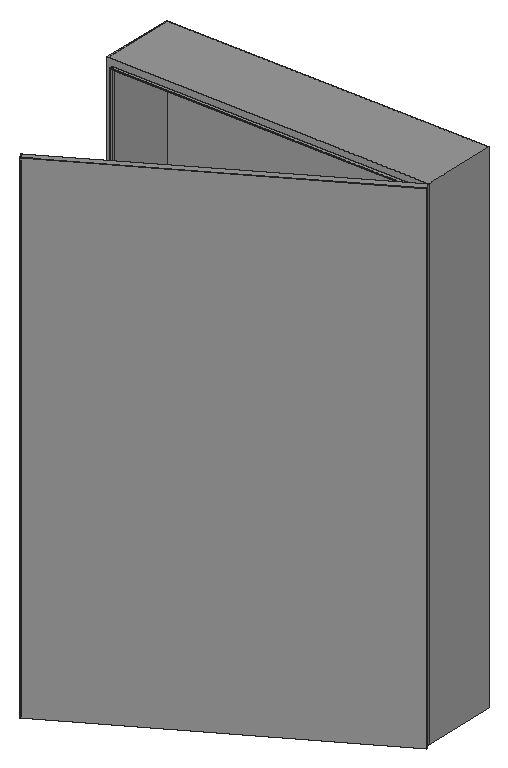
Revit family "Hager-Univers-IP44-D205-H1250-Cl.I-Encl-NoHosted-CH-en", category Equipement électrique, Revit 2020
Family settings
  Configuration du panneau = Deux colonnes, circuits au sein
  Cote de connecteur circulaire = Utiliser le diamètre
  Type d'élément = Tableau de raccordement
  Basée sur le plan de construction = Oui
  Toujours verticalement = Oui
  Couper avec des vides une fois chargée = Non
  Partagée = Non
  Point de calcul de pièce = Non
Parameters (values of type "Surface mounted (plaster) IP44 W800 H1250 D205  - FP83TN2")
  Width Control [instance] = if([EF000008 - Width] > Min Width, [EF000008 - Width], Min Width)  # 800 mm
  Commentaires du type = [HG000003 - Range]  # "Univers"
  Thickness Door [instance] = if([EF009171 - Material plate thickness door/cover] > 3 mm, 3 mm, [EF009171 - Material plate thickness door/cover])  # 1 mm
  Seal Frame Offset [instance] = 17 mm  # constant formula
  Plinth Visibility [instance] = [HG000027 - Plinth height] > 0 mm  # no
  Min Width [instance] = 100 mm  # constant formula
  Min Depth [instance] = (2 * [EF009170 - Material plate thickness cabinet]) + 1 mm  # 3 mm
  Min Height [instance] = 100 mm  # constant formula
  Internal Frame Depth [instance] = (Door System Depth * 0.5)  # 9 mm
  Panel Name [instance] = ""  # (empty or 0)
  Model = ""
  HG000027 - Plinth height = 0 mm
  HG000026 - Floor standing = no
  HG000024 - Bottom section height = 600 mm
  HG000023 - Double section enclosure = no
  HG000016 - Door 3d visibility [instance] = yes
  HG000015 - Clearance visibility [instance] = no
  HG000014 - Door on the right [instance] = yes
  HG000013 - Door on the left [instance] = not([HG000014 - Door on the right])  # no
  HG000012 - Door swing angle [instance] = 30.00°
  HG000010 - Asymmetric doors = no
  HG000009 - Double swing door = no
  HG000006 - Flush mounted = no
  HG000004 - Manufacturer reference = "FP83TN2"
  HG000003 - Range = "Univers"
  HG000002 - With door or cover = yes
  Frame Offset Bottom [instance] = 10 mm  # constant formula
  Frame Offset [instance] = 15 mm  # constant formula
  EF015940 - Cover with overpressure release = no
  EF011959 - Degree of protection (NEMA) = ""
  EF009554 - Number of openings for flange plates = 6
  EF009212 - Cover model = "EV000116 - Closed"
  EF009171 - Material plate thickness door/cover = 1 mm
  EF009170 - Material plate thickness cabinet = 1 mm
  EF008873 - Nominal current (In) = 250 A
  EF007800 - Suitable for lightning protection = no
  EF006306 - With lock = no
  EF006244 - Transparent cover/door = no
  EF005474 - Degree of protection (IP) = "EV006418 - IP44"
  EF004464 - Type of door = "EV002646 - Single"
  EF004427 - Number of modules = 288
  EF004293 - Impact strength = "EV006815 - IK09"
  EF003532 - Suitable for outdoor use = no
  EF002950 - Width in number of modular spacings = 36
  EF001613 - Circuit integrity = "EV000494 - None"
  EF001596 - Material housing = "EV000179 - Steel"
  EF001131 - Internal depth = 130 mm
  EF001088 - Extension possible = yes
  EF000437 - Number of conduit inlets = 6
  EF000339 - Type of cover = "EV001012 - Cover"
  EF000266 - Number of rows = 8
  EF000218 - Built-in depth = 205 mm
  EF000118 - With mounting plate = no
  EF000116 - RAL-number = "9010"
  EF000049 - Depth = 205 mm
  EF000040 - Height = 1250 mm
  EF000008 - Width = 800 mm
  EF000007 - Colour = "EV000202 - White"
  EF000003 - Mounting method = "EV000384 - Surface mounted (plaster)"
  Door System Leaf Tolerance [instance] = 1.5 mm  # constant formula
  Door System Depth [instance] = 18 mm  # constant formula
  Door Height [instance] = Height Control - [HG000027 - Plinth height]  # 1250 mm
  Description = ""
  Default Elevation = 1219.2 mm
  Connector Offset [instance] = Height Control / 2  # 625 mm
  Fabricant = "Hager"  # constant formula
  Height Control [instance] = if([EF000040 - Height] > Min Height, [EF000040 - Height], Min Height)  # 1250 mm
  Depth Control [instance] = if([EF000049 - Depth] > Min Depth, [EF000049 - Depth], Min Depth)  # 205 mm
  Bottom Top Plate Trim [instance] = 1.5 mm  # constant formula
  Plinth height Ctrl [instance] = if([HG000027 - Plinth height] > 0 mm, [HG000027 - Plinth height], 12 mm)  # 12 mm
Types (10, lengths in mm): name | Width Control | HG000010 - Asymmetric doors | HG000009 - Double swing door | HG000004 - Manufacturer reference | EF009554 - Number of openings for flange plates | EF004464 - Type of door | EF004427 - Number of modules | EF002950 - Width in number of modular spacings | EF000437 - Number of conduit inlets | EF000218 - Built-in depth | EF000008 - Width
  Surface mounted (plaster) IP44 W1050 H1250 D205  - FP84QT | 1050 | no | no | "FP84QT" | 8 | "EV003602 - Double" | 384 | 48 | 8 | 0 | 1050
  Surface mounted (plaster) IP44 W1050 H1250 D205  - FP84TN2 | 1050 | no | yes | "FP84TN2" | 8 | "EV003602 - Double" | 384 | 48 | 8 | 205 | 1050
  Surface mounted (plaster) IP44 W1300 H1250 D205  - FP85QT | 1300 | no | no | "FP85QT" | 10 | "EV003602 - Double" | 480 | 60 | 10 | 0 | 1300
  Surface mounted (plaster) IP44 W1300 H1250 D205  - FP85TN2 | 1300 | yes | yes | "FP85TN2" | 10 | "EV003602 - Double" | 480 | 60 | 10 | 205 | 1300
  Surface mounted (plaster) IP44 W300 H1250 D205  - FP81QT | 300 | no | no | "FP81QT" | 2 | "EV002646 - Single" | 96 | 12 | 2 | 0 | 300
  Surface mounted (plaster) IP44 W300 H1250 D205  - FP81TN2 | 300 | no | no | "FP81TN2" | 2 | "EV002646 - Single" | 96 | 12 | 2 | 205 | 300
  Surface mounted (plaster) IP44 W550 H1250 D205  - FP82QT | 550 | no | no | "FP82QT" | 4 | "EV002646 - Single" | 192 | 24 | 4 | 0 | 550
  Surface mounted (plaster) IP44 W550 H1250 D205  - FP82TN2 | 550 | no | no | "FP82TN2" | 4 | "EV002646 - Single" | 192 | 24 | 4 | 205 | 550
  Surface mounted (plaster) IP44 W800 H1250 D205  - FP83QT | 800 | no | no | "FP83QT" | 6 | "EV002646 - Single" | 288 | 36 | 6 | 0 | 800
  Surface mounted (plaster) IP44 W800 H1250 D205  - FP83TN2 | 800 | no | no | "FP83TN2" | 6 | "EV002646 - Single" | 288 | 36 | 6 | 205 | 800
Reference planes
  plane 1 "Center (Front/Back)": y = 0
  plane 2: z = 0
  plane 3 "Center (Left/Right)": x = 0
  plane 4: y = 0
  plane 5: y = 0
  plane 6: z = 0
  plane 7: x = -400
  plane 8: x = 400
  plane 9: x = 399
  plane 10: x = -399
  plane 11: z = 0
  plane 12: z = 1
  plane 13: y = -205
  plane 14: y = -1
  plane 15: x = 0
  plane 16: y = -187
  plane 17: y = -204
  plane 18: y = -186
  plane 19: x = -384
  plane 20: x = 384
  plane 21: z = 11
  plane 22: x = -383
  plane 23: x = 383
  plane 24: z = 0
  plane 25: z = 1250
  plane 26: z = 1250
  plane 27: z = 1234
  plane 28: z = 1249
Forms (mm)
  Extrusion 1, solid, material "Hager_Steel_RAL7035_Light_Grey", detail levels medium+fine
    sketch origin (-208.679, -4572, 0) x (-1, 0, 0) y (0, -1, 0)
      loop
        line (191.321, -4385) -> (-608.679, -4385) -> (-608.679, -4572) -> (191.321, -4572) -> (191.321, -4385)
    from 0 to 1250
  Extrusion 2, void
    sketch origin (-350.771, -205, 1219.2) x (1, 0, 0) y (0, 0, 1)
      loop
        line (-48.229, 29.8) -> (-48.229, -1218.2) -> (749.771, -1218.2) -> (749.771, 29.8) -> (-48.229, 29.8)
    from -19 to -204
  Extrusion 3, void
    sketch origin (-290.084, -187, 1219.2) x (1, 0, 0) y (0, 0, 1)
      loop
        line (-93.916, -1208.2) -> (674.084, -1208.2) -> (674.084, 14.8) -> (-93.916, 14.8) -> (-93.916, -1208.2)
    from 0 to -1
  Extrusion 4, solid, material "Hager_Steel_RAL7035_Light_Grey", visible <- "Plinth Visibility", detail levels medium+fine
    sketch origin (0, 0, 0) x (1, 0, 0) y (0, 1, 0)
      loop
        line (-400, 0) -> (-400, -187) -> (400, -187) -> (400, 0) -> (-400, 0)
    from 0 to 12 <- "Plinth height Ctrl"
  Extrusion 5, solid, material "Hager_Steel_RAL7035_Light_Grey", detail levels coarse
    sketch origin (0, 0, 0) x (1, 0, 0) y (0, 1, 0)
      loop
        line (-400, 0) -> (-400, -205) -> (400, -205) -> (400, 0) -> (-400, 0)
    from 0 to 1250 <- "Height Control"
  Sweep 6, void
    path in 3D
      loop
        line (-400, -187, 12) -> (400, -187, 12) -> (400, 0, 12) -> (-400, 0, 12) -> (-400, -187, 12)
    profile origin (-400, -93.5, 12) x (1, 0, 0) y (0, 0, 1)
      loop
        line (0, 0) -> (0, -1.5) -> (1.5, -1.5)
        arc (1.5, -1.5) -> (1.061, -0.439) -> (0, 0) r 1.5
  Extrusion 7, solid, material "Hager_Steel_RAL7035_Light_Grey", detail levels fine
    sketch origin (-400, -187, 0) x (1, 0, 0) y (0, 0, 1)
      loop
        line (16, 11) -> (784, 11) -> (784, 1234) -> (16, 1234) -> (16, 11)
      loop
        line (15, 10) -> (785, 10) -> (785, 1235) -> (15, 1235) -> (15, 10)
    from 0 to 9 <- "Internal Frame Depth"
Cuts and joins
  Extrusion 2, Extrusion 3 cuts Extrusion 1
  Sweep 6 cuts Extrusion 4
Lines and regions (mm)
  Masking region 1
    outline origin (0, 0, 0) x (1, 0, 0) y (0, 1, 0)
      loop
        line (-400, 0) -> (-400, -205) -> (400, -205) -> (400, 0) -> (-400, 0)
  Masking region 2, detail levels coarse
    outline origin (-290.084, -187, 1219.2) x (-1, 0, 0) y (0, 0, 1)
      loop
        line (-690.084, -1219.2) -> (109.916, -1219.2) -> (109.916, 30.8) -> (-690.084, 30.8) -> (-690.084, -1219.2)
  Masking region 3, detail levels coarse
    outline origin (0, 0, 0) x (0, 1, 0) y (0, 0, 1)
      loop
        line (0, 0) -> (0, 1250) -> (-205, 1250) -> (-205, 0) -> (0, 0)
  Masking region 4, visible <- "Plinth Visibility", detail levels medium+fine
    outline origin (0, 0, 0) x (0, 1, 0) y (0, 0, 1)
      loop
        line (-1.5, 12) -> (-185.5, 12)
        arc (-185.5, 12) -> (-185.939, 10.939) -> (-187, 10.5) r 1.5
        line (-187, 10.5) -> (-187, 0) -> (0, 0) -> (0, 10.5)
        arc (0, 10.5) -> (-1.061, 10.939) -> (-1.5, 12) r 1.5
  Masking region 5, detail levels medium+fine
    outline origin (0, 0, 594.038) x (0, 1, 0) y (0, 0, 1)
      loop
        line (0, -594.038) -> (0, 655.962) -> (-187, 655.962) -> (-187, -594.038) -> (0, -594.038)
  Masking region 6, detail levels medium+fine
    outline origin (-359.7, -187, 1211.883) x (-1, 0, 0) y (0, 0, 1)
      loop
        line (-759.7, -1211.883) -> (40.3, -1211.883) -> (40.3, 38.117) -> (-759.7, 38.117) -> (-759.7, -1211.883)
  Masking region 7, visible <- "Plinth Visibility", detail levels medium+fine
    outline origin (-320.334, -187, 1041.368) x (-1, 0, 0) y (0, 0, 1)
      loop
        line (-720.334, -1041.368) -> (79.666, -1041.368) -> (79.666, -1030.868)
        arc (79.666, -1030.868) -> (78.606, -1030.429) -> (78.166, -1029.368) r 1.5
        line (78.166, -1029.368) -> (-718.834, -1029.368)
        arc (-718.834, -1029.368) -> (-719.273, -1030.429) -> (-720.334, -1030.868) r 1.5
        line (-720.334, -1030.868) -> (-720.334, -1041.368)
  sketch lines
    curve 1: line (-400, 0, 12) -> (-400, -187, 12)
    curve 2: line (-400, -187, 12) -> (400, -187, 12)
    curve 3: line (400, 0, 12) -> (-400, 0, 12)
    curve 4: line (400, -187, 12) -> (400, 0, 12)
Dimensions and locks
  locked: plane 1 "Center (Front/Back)" to plane 5
  "EF009170 - Material plate thickness cabinet": plane 7 to plane 10
  "EF009170 - Material plate thickness cabinet": plane 8 to plane 9
  equal spacing: plane 7, plane 3 "Center (Left/Right)", plane 8
  "Width Control": plane 7 to plane 8
  "Depth Control": plane 4 to plane 13
  "EF009170 - Material plate thickness cabinet": plane 4 to plane 14
  "Height Control": plane 25 to level
  "HG000027 - Plinth height": plane 11 to level
  "EF009170 - Material plate thickness cabinet": plane 12 to plane 11
  "EF009170 - Material plate thickness cabinet": plane 17 to plane 13
  "EF009170 - Material plate thickness cabinet": plane 18 to plane 16
  "Frame Offset Bottom": plane 21 to plane 12
  "Frame Offset": plane 10 to plane 19
  "Frame Offset": plane 9 to plane 20
  "Door System Depth": plane 16 to plane 13
  "Seal Frame Offset": plane 7 to plane 22
  "Seal Frame Offset": plane 8 to plane 23
  "EF009170 - Material plate thickness cabinet": plane 26 to plane 28
  "Frame Offset": plane 28 to plane 27
  "Connector Offset": plane 2 to connector elem
  "Bottom Top Plate Trim": profile plane to Sweep 6 sketch curve
  "Bottom Top Plate Trim": Sweep 6 sketch curve to Sweep 6 sketch curve
  "Plinth height Ctrl": Masking region 4 sketch curve to level
  "Plinth height Ctrl": Masking region 7 sketch curve to level
  "Thickness Door": Extrusion 7 sketch curve to Extrusion 7 sketch curve  (x4)
  "Bottom Top Plate Trim": radius of Sweep 6 sketch curve
  "Bottom Top Plate Trim": radius of Masking region 4 sketch curve  (x2)
  "Bottom Top Plate Trim": radius of Masking region 7 sketch curve  (x2)
  aligned and locked: Extrusion 2 sketch curve to plane 12
  aligned and locked: Extrusion 2 sketch curve to plane 9
  aligned and locked: Extrusion 2 sketch curve to plane 10
  aligned and locked: Extrusion 2 to plane 14
  aligned and locked: Extrusion 1 sketch curve to plane 4
  aligned and locked: plane 8 to Extrusion 1 sketch curve
  aligned and locked: plane 7 to Extrusion 1 sketch curve
  aligned and locked: Extrusion 2 to plane 18
  aligned and locked: Extrusion 3 sketch curve to plane 19
  aligned and locked: plane 20 to Extrusion 3 sketch curve
  aligned and locked: Extrusion 3 to Extrusion 2
  aligned and locked: Extrusion 3 sketch curve to plane 21
  aligned and locked: plane 3 "Center (Left/Right)" to nested 1
  aligned and locked: Extrusion 1 sketch curve to plane 16
  aligned and locked: Extrusion 4 sketch curve to cut or joined group of Extrusion 1, Extrusion 2, Extrusion 3
  aligned and locked: Masking region 1 sketch curve to plane 7
  aligned and locked: Masking region 1 sketch curve to plane 5
  aligned and locked: Masking region 1 sketch curve to plane 8
  aligned and locked: Masking region 2 sketch curve to level
  aligned and locked: level to Masking region 3 sketch curve
  aligned and locked: plane 1 "Center (Front/Back)" to Masking region 3 sketch curve
  aligned and locked: plane 13 to Masking region 3 sketch curve
  aligned and locked: plane 5 to Masking region 4 sketch curve
  aligned and locked: Masking region 2 sketch curve to plane 8
  aligned and locked: Masking region 2 sketch curve to plane 7
  aligned and locked: plane 7 to nested 2
  aligned and locked: nested 2 to plane 5
  aligned and locked: plane 5 to Masking region 5 sketch curve
  aligned and locked: plane 26 to Masking region 5 sketch curve
  aligned and locked: Extrusion 5 sketch curve to plane 8
  aligned and locked: Extrusion 5 sketch curve to plane 7
  aligned and locked: Extrusion 5 sketch curve to plane 5
  aligned and locked: Extrusion 3 sketch curve to plane 27
  aligned and locked: Extrusion 2 sketch curve to plane 28
  aligned and locked: Masking region 2 to plane 25
  aligned and locked: Extrusion 4 to plane 16
  aligned and locked: profile plane to Sweep 6 sketch curve
  aligned and locked: Masking region 5 sketch curve to plane 24
  aligned and locked: level to Masking region 4 sketch curve
  aligned and locked: Masking region 1 to plane 13
  aligned and locked: nested 1 to plane 16
  aligned and locked: Masking region 3 to plane 25
  aligned and locked: plane 16 to Masking region 4 sketch curve
  aligned and locked: Masking region 5 sketch curve to plane 16
  aligned and locked: plane 24 to plane 11
  aligned and locked: plane 26 to plane 25
  aligned and locked: plane 26 to cut or joined group of Extrusion 1, Extrusion 2, Extrusion 3
  aligned and locked: nested 1 to plane 24
  aligned and locked: Extrusion 1 to Extrusion 3
  aligned and locked: Masking region 6 sketch curve to plane 8
  aligned and locked: Masking region 6 sketch curve to plane 24
  aligned and locked: Masking region 6 sketch curve to plane 7
  aligned and locked: Masking region 6 sketch curve to plane 26
  aligned and locked: Masking region 7 sketch curve to plane 7
  aligned and locked: level to Masking region 7 sketch curve
  aligned and locked: Masking region 7 sketch curve to plane 8
  aligned and locked: Extrusion 7 sketch curve to cut or joined group of Extrusion 1, Extrusion 2, Extrusion 3  (x4)
Automatic sketch dimensions
  plane 19 to Extrusion 3 sketch curve = 0 mm
  Extrusion 3 sketch curve to plane 20 = 0 mm
  Extrusion 3 sketch curve to plane 21 = 0 mm
  Extrusion 4 sketch curve to plane 7 = 0 mm
  Extrusion 4 sketch curve to plane 8 = 0 mm
  Extrusion 4 sketch curve to plane 16 = 0 mm
  Masking region 1 sketch curve to plane 13 = 0 mm
  Masking region 2 sketch curve to plane 25 = 0 mm
  Masking region 3 sketch curve to plane 25 = 0 mm
  Extrusion 5 sketch curve to plane 13 = 0 mm
  profile plane to Sweep 6 sketch curve = 0 mm
Nested families
  nested 1: "EC000058_Univers_Door" at (0, -187, 0), Double <- "HG000009 - Double swing door", Transparent <- "EF006244 - Transparent cover/door", Angle <- "HG000012 - Door swing angle", Door_Right <- "HG000014 - Door on the right", Assymetrical <- "HG000010 - Asymmetric doors", Door <- "HG000002 - With door or cover", Width_Ctrl <- "Width Control", 3d_Door <- "HG000016 - Door 3d visibility", Clearance <- "HG000015 - Clearance visibility", Door_Left <- "HG000013 - Door on the left", Width <- "Width Control", Door_Depth <- "Door System Depth", Leaf_Tolerance <- "Door System Leaf Tolerance", Height <- "Door Height", Lock_Visibility <- "EF006306 - With lock", Thickness <- "Thickness Door", type "EC000058_Univers_Door", detail levels medium+fine
    with min_wh 3 mm, Width_Ctrl 800 mm, Width 800 mm, Transparent no, Thickness 1 mm, Seal_Material Hager_Rubber, Lock_Visibility no, Lock_Material Hager_Plastic_RAL9005_Jet_Black, Leaf_Width 800 mm, Leaf_Tolerance_External_Sides 0 mm, Leaf_Tolerance 1.5 mm, Leaf_Offset 0 mm, Leaf_Height 1247 mm, Leaf_2_Width 800 mm, Leaf_2_Offset 400 mm, Leaf_1_Width 800 mm, Leaf_1_Offset 400 mm, Height_Ctrl 1250 mm, Height 1250 mm, Glass_Material Hager_Glass, Double_Clearance_Ctrl no, Double no, Door_Right_Ctrl yes, Door_Right yes, Door_Material Hager_Steel_RAL7035_Light_Grey, Door_Left_Ctrl no, Door_Left no, Door_Depth 18 mm, Door yes, Clearance_Material Hager_Clearance, Clearance_Depth 800 mm, Clearance_Ctrl no, Clearance no, Assymetrical no, Angle 30.00°, 3d_Door yes
  nested 2: "Hager_Enclosure_Symbol" at (-400, 0, 0), Height <- "Depth Control", Width <- "Width Control", type "Hager_Enclosure_Symbol"
    with Width_Ctrl 800 mm, Width 800 mm, Height_Ctrl 205 mm, Height 205 mm, A_Width_Int 13.453 mm, A_Width 161.438 mm, A_Height_Ctrl 179.375 mm, A_Height 179.375 mm
Connectors
  electrical at (0, 0, 625)
    settings: on plane 1 "Center (Front/Back)", index 1, voltage 0 V, apparent load 0 VA, apparent load phase1 0 VA, apparent load phase2 0 VA, apparent load phase3 0 VA, power factor 1, load classification "Other", number of poles 1, system type 30, power factor state 1, is connector primary yes, connector utility no, sub classification motor no, connector description ""
Definition of nested family "EC000058_Univers_Door"
  Parameters (values of type "EC000058_Univers_Door")
    min_wh [instance] = (2 * Thickness) + 1 mm  # 11 mm
    Width_Ctrl [instance] = 400 mm
    Width [instance] = 500 mm
    Transparent [instance] = yes
    Thickness [instance] = 5 mm
    Seal_Material [instance] = none
    Lock_Visibility [instance] = yes
    Lock_Material [instance] = none
    Leaf_Width [instance] = if((Width_Ctrl - 2 * Leaf_Tolerance_External_Sides) > 0 mm, (Width_Ctrl - 2 * Leaf_Tolerance_External_Sides), min_wh)  # 400 mm
    Leaf_Tolerance_External_Sides [instance] = 0 mm  # constant formula
    Leaf_Tolerance [instance] = 1.5 mm
    Leaf_Offset [instance] = 0 mm  # constant formula
    Leaf_Height [instance] = if((Height_Ctrl - 2 * Leaf_Tolerance) > 0 mm, (Height_Ctrl - 2 * Leaf_Tolerance), min_wh)  # 497 mm
    Leaf_2_Width [instance] = if(and(and(Double, Assymetrical), Door_Left), (Leaf_Width / 3) - (Leaf_Tolerance / 2), if(and(and(Double, Assymetrical), Door_Right), (Leaf_Width / 3) * 2 - (Leaf_Tolerance / 2), if(and(Double, not(Assymetrical)), (Leaf_Width / 2) - Leaf_Tolerance, Leaf_Width)))  # 400 mm
    Leaf_2_Offset [instance] = if(and(Double, Assymetrical), Leaf_2_Width / 2, if(and(Double, not(Assymetrical)), Leaf_Width / 4, Leaf_Width / 2))  # 200 mm
    Leaf_1_Width [instance] = if(and(and(Double, Assymetrical), Door_Right), (Leaf_Width / 3) - (Leaf_Tolerance / 2), if(and(and(Double, Assymetrical), Door_Left), (Width / 3) * 2 - (Leaf_Tolerance / 2), if(and(Double, not(Assymetrical)), (Leaf_Width / 2) - Leaf_Tolerance, Leaf_Width)))  # 400 mm
    Leaf_1_Offset [instance] = if(and(Double, Assymetrical), Leaf_1_Width / 2, if(and(Double, not(Assymetrical)), Leaf_Width / 4, Leaf_Width / 2))  # 200 mm
    Height_Ctrl [instance] = if(Height > min_wh, Height, min_wh)  # 500 mm
    Height [instance] = 500 mm
    Glass_Material [instance] = none
    Double_Clearance_Ctrl [instance] = and(Double, Clearance)  # no
    Double [instance] = no
    Door_Right_Ctrl [instance] = and(or(Door_Right, Double), Door)  # yes
    Door_Right [instance] = yes
    Door_Material [instance] = none
    Door_Left_Ctrl [instance] = and(or(Door_Left, Double), Door)  # no
    Door_Left [instance] = no
    Door_Depth [instance] = 30 mm
    Door [instance] = yes
    Default Elevation = 1219.2 mm
    Clearance_Material [instance] = none
    Clearance_Depth [instance] = if(Leaf_1_Width > Leaf_2_Width, Leaf_1_Width, Leaf_2_Width)  # 400 mm
    Clearance_Ctrl [instance] = and(not(Double), Clearance)  # yes
    Clearance [instance] = yes
    Assymetrical [instance] = yes
    Angle [instance] = 30.00°
    3d_Door [instance] = yes
  Reference planes
    plane 1 "Center (Front/Back)": y = 0
    plane 2 "Bottom": z = 0
    plane 3 "Center (Left/Right)": x = 0
    plane 4: z = 500
    plane 5: x = -200
    plane 6: x = 200
    plane 7: z = 500
    plane 8: x = -200
    plane 9: z = 0
    plane 10: x = 200
    plane 11: y = 0
    plane 12: z = 1.5
    plane 13: x = -600
    plane 14: y = -400
    plane 15: x = 600
    plane 16: x = 0
    plane 17: x = 0
    plane 18: x = -200
    plane 19: x = 200
    plane 20: z = 498.5
  Forms (mm)
    Extrusion 1, solid, material <- "Clearance_Material", visible <- "Double_Clearance_Ctrl"
      sketch origin (1200, 0, 0) x (1, 0, 0) y (0, 0, -1)
        loop
          line (-1800, -498.5) -> (-600, -498.5) -> (-600, 0) -> (-1800, 0) -> (-1800, -498.5)
      from 0 to -400
  Dimensions and locks
    equal spacing: plane 5, plane 3 "Center (Left/Right)", plane 6
    "Width_Ctrl": plane 5 to plane 6
    "Leaf_Offset": plane 5 to plane 8
    "Leaf_Offset": plane 6 to plane 10
    "Leaf_Offset": plane 9 to level
    "Leaf_Offset": plane 4 to plane 7
    "Height_Ctrl": plane 4 to level
    "Leaf_Tolerance": plane 12 to plane 9
    locked: plane 11 to plane 1 "Center (Front/Back)"
    "Leaf_1_Offset": plane 18 to plane 16
    "Leaf_2_Offset": plane 17 to plane 19
    "Leaf_1_Width": plane 13 to plane 8
    "Leaf_2_Width": plane 10 to plane 15
    "Clearance_Depth": plane 14 to plane 1 "Center (Front/Back)"
    "Leaf_Tolerance_External_Sides": plane 8 to plane 18
    "Leaf_Tolerance_External_Sides": plane 19 to plane 10
    "Leaf_Tolerance": plane 7 to plane 20
    aligned and locked: level to plane 2 "Bottom"
    aligned and locked: nested 1 to plane 16
    aligned and locked: nested 2 to plane 17
    aligned and locked: Extrusion 1 to plane 13
    aligned and locked: plane 15 to Extrusion 1
    aligned and locked: Extrusion 1 to plane 14
    aligned and locked: plane 12 to nested 1
    aligned and locked: nested 2 to plane 12
    aligned and locked: Extrusion 1 to plane 11
    aligned and locked: plane 20 to Extrusion 1
    aligned and locked: nested 2 to plane 11
    aligned and locked: nested 1 to plane 11
  Automatic sketch dimensions
    Extrusion 1 sketch curve to level = 0 mm
    plane 5 to Extrusion 1 sketch curve = 400 mm
    plane 6 to Extrusion 1 sketch curve = 400 mm
    Extrusion 1 sketch curve to plane 4 = 1.5 mm
  Nested families
    nested 1: "EC000058_Univers_Door_Leaf" at (0, 0, 1.5), Width <- "Leaf_1_Width", visible <- "Door_Left_Ctrl", Leaf_Height <- "Leaf_Height", Angle <- "Angle", 3d_Door <- "3d_Door", Transparent <- "Transparent", Clearance Material <- "Clearance_Material", Clearance <- "Clearance_Ctrl", Door_Material <- "Door_Material", Glass_Material <- "Glass_Material", Door_Depth <- "Door_Depth", Lock_Material <- "Lock_Material", Seal_Material <- "Seal_Material", Lock_Visibility <- "Lock_Visibility", Thickness <- "Thickness", type "EC000058_Univers_Door_Leaf"
      with Width 400 mm, Transparent_Glass_Offset 30 mm, Transparent_Ctrl yes, Transparent yes, Thickness 5 mm, Standard no, Seal_Material none, Seal_D2 8 mm, Seal_D1 1 mm, Offset_Internal_Frame 10 mm, Lock_Width 20 mm, Lock_Visibility_3d yes, Lock_Visibility yes, Lock_Thickness_3 3 mm, Lock_Thickness_2 1 mm, Lock_Thickness_1 3 mm, Lock_Radius_Offset_2 16 mm, Lock_Radius_Offset_1 15 mm, Lock_Radius_2 5 mm, Lock_Radius 6 mm, Lock_Offset 5 mm, Lock_Material none, Lock_Height 80 mm, Lock_Cover_Top_Offset_2d 17 mm, Lock_Cover_Height -65 mm, Leaf_Height 497 mm, Internal_Seal_Thickness 8 mm, Internal_Seal_Depth_2 4.5 mm, Internal_Frame_Depth 25 mm, Glass_Thickness -1 mm, Glass_Offset -2 mm, Glass_Material none, Door_Material none, Door_Depth 30 mm, Clearance Material none, Clearance yes, Angle_Ctrl 30.00°, Angle 30.00°, 3d_Door yes
    nested 2: "EC000058_Univers_Door_Leaf" at (0, 0, 1.5) x (-1, 0, 0) z (0, 0, 1), Width <- "Leaf_2_Width", visible <- "Door_Right_Ctrl", Leaf_Height <- "Leaf_Height", Angle <- "Angle", 3d_Door <- "3d_Door", Transparent <- "Transparent", Clearance Material <- "Clearance_Material", Clearance <- "Clearance_Ctrl", Door_Material <- "Door_Material", Glass_Material <- "Glass_Material", Door_Depth <- "Door_Depth", Lock_Material <- "Lock_Material", Seal_Material <- "Seal_Material", Lock_Visibility <- "Lock_Visibility", Thickness <- "Thickness", type "EC000058_Univers_Door_Leaf"
      with Width 400 mm, Transparent_Glass_Offset 30 mm, Transparent_Ctrl yes, Transparent yes, Thickness 5 mm, Standard no, Seal_Material none, Seal_D2 8 mm, Seal_D1 1 mm, Offset_Internal_Frame 10 mm, Lock_Width 20 mm, Lock_Visibility_3d yes, Lock_Visibility yes, Lock_Thickness_3 3 mm, Lock_Thickness_2 1 mm, Lock_Thickness_1 3 mm, Lock_Radius_Offset_2 16 mm, Lock_Radius_Offset_1 15 mm, Lock_Radius_2 5 mm, Lock_Radius 6 mm, Lock_Offset 5 mm, Lock_Material none, Lock_Height 80 mm, Lock_Cover_Top_Offset_2d 17 mm, Lock_Cover_Height -65 mm, Leaf_Height 497 mm, Internal_Seal_Thickness 8 mm, Internal_Seal_Depth_2 4.5 mm, Internal_Frame_Depth 25 mm, Glass_Thickness -1 mm, Glass_Offset -2 mm, Glass_Material none, Door_Material none, Door_Depth 30 mm, Clearance Material none, Clearance yes, Angle_Ctrl 30.00°, Angle 30.00°, 3d_Door yes
  Definition of nested family "EC000058_Univers_Door_Leaf"
    Parameters (values of type "EC000058_Univers_Door_Leaf")
      Width [instance] = 2000 mm
      Transparent_Glass_Offset [instance] = 30 mm
      Transparent_Ctrl [instance] = and(Transparent, [3d_Door])  # yes
      Transparent [instance] = yes
      Thickness [instance] = 5 mm
      Standard [instance] = and(not(Transparent), [3d_Door])  # no
      Seal_Material [instance] = none
      Seal_D2 [instance] = 8 mm  # constant formula
      Seal_D1 [instance] = 1 mm  # constant formula
      Offset_Internal_Frame [instance] = 10 mm  # constant formula
      Lock_Width [instance] = 20 mm  # constant formula
      Lock_Visibility_3d [instance] = and(Lock_Visibility, [3d_Door])  # yes
      Lock_Visibility [instance] = yes
      Lock_Thickness_3 [instance] = 3 mm  # constant formula
      Lock_Thickness_2 [instance] = 1 mm  # constant formula
      Lock_Thickness_1 [instance] = 3 mm  # constant formula
      Lock_Radius_Offset_2 [instance] = Lock_Radius_Offset_1 + 1 mm  # 16 mm
      Lock_Radius_Offset_1 [instance] = 15 mm  # constant formula
      Lock_Radius_2 [instance] = Lock_Radius - 1 mm  # 5 mm
      Lock_Radius [instance] = 6 mm  # constant formula
      Lock_Offset [instance] = 5 mm  # constant formula
      Lock_Material [instance] = none
      Lock_Height [instance] = 80 mm  # constant formula
      Lock_Cover_Top_Offset_2d [instance] = Lock_Radius_Offset_2 + 1 mm  # 17 mm
      Lock_Cover_Height [instance] = -(Lock_Height - Lock_Radius_Offset_1)  # -65 mm
      Leaf_Height [instance] = 2720.336 mm
      Internal_Seal_Thickness [instance] = 8 mm  # constant formula
      Internal_Seal_Depth_2 [instance] = 4.5 mm  # constant formula
      Internal_Frame_Depth [instance] = if(Door_Depth - Thickness > 5 mm, Door_Depth - Thickness, 5 mm)  # 25 mm
      Glass_Thickness [instance] = if(Thickness > 15 mm, Glass_Offset + 10 mm, -1 mm)  # -1 mm
      Glass_Offset [instance] = if(Thickness > 15 mm, -(Thickness + 10 mm) / 2, -2 mm)  # -2 mm
      Glass_Material [instance] = none
      Door_Material [instance] = none
      Door_Depth [instance] = 30 mm
      Default Elevation = 0 mm
      Clearance Material [instance] = none
      Clearance [instance] = yes
      Angle_Ctrl [instance] = if(Angle > 180.00°, 180.00°, Angle)  # 90.00°
      Angle [instance] = 90.00°
      3d_Door [instance] = yes
    Reference planes
      plane 1 "Center (Front/Back)": y = 0
      plane 2: z = 0
      plane 3 "Center (Left/Right)": x = 0
      plane 4: y = 2000
      plane 5: x = -1000
      plane 6: x = 1000
      plane 7: x = -3000
      plane 8: z = 2720.336
      plane 9: z = 30
      plane 10: z = 2690.336
      plane 11: x = 970
      plane 12: x = -970
      plane 13: y = -3
      plane 14: z = 107.833
      plane 15: y = -5
      plane 16: y = -223.314
      plane 17: x = -1000
      plane 18: z = 1360.168
      plane 19: y = 30
    Forms (mm)
      Extrusion 1, solid, material <- "Clearance Material", visible <- "Clearance"
        sketch origin (0, 0, 0) x (1, 0, 0) y (0, 0, 1)
          loop
            line (-3000, 2720.336) -> (-3000, 0) -> (1000, 0) -> (1000, 2720.336) -> (-3000, 2720.336)
        from 0 to -2000
      Extrusion 2, solid, material <- "Door_Material", visible <- "Standard", detail levels medium+fine
        sketch origin (-1000, 0, 0) x (0, 1, 0) y (-1, 0, 0)
          loop
            line (0, 30) -> (0, 25) -> (2000, 25) -> (2000, 30) -> (0, 30)
        from 0 to 2720.336 <- "Leaf_Height"
      Extrusion 3, solid, material <- "Door_Material", visible <- "Transparent_Ctrl", detail levels medium+fine
        sketch origin (-1000, 0, 0) x (0, 1, 0) y (-1, 0, 0)
          loop
            line (0, 25) -> (2000, 25) -> (2000, 30) -> (0, 30) -> (0, 25)
        from 0 to 2720.336 <- "Leaf_Height"
      Extrusion 4, void
        sketch origin (-1025, 2000, 0) x (0, 1, 0) y (0, 0, -1)
          loop
            line (-30, -2690.336) -> (-30, -30) -> (-1970, -30) -> (-1970, -2690.336) -> (-30, -2690.336)
        from 0 to 5 <- "Thickness"
      Sweep 5, solid, material <- "Seal_Material", visible <- "Transparent_Ctrl", detail levels fine
        path in 3D
          loop
            line (-1025, 30, 30) -> (-1025, 30, 2690.336) -> (-1025, 1970, 2690.336) -> (-1025, 1970, 30) -> (-1025, 30, 30)
        profile origin (-1025, 1000, 30) x (1, 0, 0) y (0, 0, 1)
          loop
            line (0, 0) -> (0, -8) -> (1, -8) -> (1, 0) -> (0, 0)
      Extrusion 6, solid, material <- "Glass_Material", visible <- "Transparent_Ctrl", detail levels medium+fine
        sketch origin (-1030, 0, 0) x (0, 1, 0) y (0, 0, -1)
          loop
            line (1970, -2690.336) -> (1970, -30) -> (30, -30) -> (30, -2690.336) -> (1970, -2690.336)
        from -2 <- "Glass_Offset" to -1 <- "Glass_Thickness"
      Extrusion 7, solid, material <- "Door_Material", visible <- "3d_Door", detail levels medium+fine
        sketch origin (-1025, 2000, 0) x (0, -1, 0) y (0, 0, -1)
          loop
            line (0, -2720.336) -> (2000, -2720.336) -> (2000, 0) -> (0, 0) -> (0, -2720.336)
          loop
            line (1995, -5) -> (5, -5) -> (5, -2715.336) -> (1995, -2715.336) -> (1995, -5)
        from 0 to 25 <- "Internal_Frame_Depth"
      Sweep 8, solid, material <- "Seal_Material", visible <- "Transparent_Ctrl", detail levels fine
        path in 3D
          loop
            line (-1025, 0, 0) -> (-1025, 2000, 0) -> (-1025, 2000, 2720.336) -> (-1025, 0, 2720.336) -> (-1025, 0, 0)
        profile origin (-1025, 0, 1360.168) x (1, 0, 0) y (0, 1, 0)
          loop
            line (0, 10) -> (2.975, 10)
            arc (2.975, 10) -> (4.053, 10.447) -> (4.5, 11.525) r 1.525
            line (4.5, 11.525) -> (4.5, 16.527)
            arc (4.5, 16.527) -> (4.069, 17.569) -> (3.027, 18) r 1.473
            line (3.027, 18) -> (0, 18) -> (0, 10)
      Extrusion 9, solid, material <- "Lock_Material", visible <- "Lock_Visibility_3d", detail levels fine
        sketch origin (-1030, 0, 0) x (0, 1, 0) y (0, 0, -1)
          loop
            arc (1993.5, -1400.168) -> (1994.561, -1399.729) -> (1995, -1398.668) r 1.5
            line (1995, -1398.668) -> (1995, -1320.168) -> (1975, -1320.168) -> (1975, -1398.668)
            arc (1975, -1398.668) -> (1975.439, -1399.729) -> (1976.5, -1400.168) r 1.5
            line (1976.5, -1400.168) -> (1993.5, -1400.168)
        from 3 <- "Lock_Thickness_1" to 0
      Blend 10, solid, material <- "Lock_Material", visible <- "Lock_Visibility_3d", detail levels fine
        base sketch origin (-1033, 0, 0) x (0, 1, 0) y (0, 0, -1)
          loop
            line (1975, -1320.168) -> (1975, -1398.668)
            arc (1975, -1398.668) -> (1975.439, -1399.729) -> (1976.5, -1400.168) r 1.5
            line (1976.5, -1400.168) -> (1993.5, -1400.168)
            arc (1993.5, -1400.168) -> (1994.561, -1399.729) -> (1995, -1398.668) r 1.5
            line (1995, -1398.668) -> (1995, -1320.168) -> (1975, -1320.168)
        top sketch origin (-1033, 0, 0) x (0, 1, 0) y (0, 0, -1)
          loop
            line (1976, -1320.168) -> (1976, -1398.668)
            arc (1976, -1398.668) -> (1976.146, -1399.022) -> (1976.5, -1399.168) r 0.5
            line (1976.5, -1399.168) -> (1993.5, -1399.168)
            arc (1993.5, -1399.168) -> (1993.854, -1399.022) -> (1994, -1398.668) r 0.5
            line (1994, -1398.668) -> (1994, -1320.168) -> (1976, -1320.168)
        from 0 to 1 <- "Lock_Thickness_2"
      Blend 11, solid, material <- "Lock_Material", visible <- "Lock_Visibility_3d", detail levels fine
        base sketch origin (-1034, 0, 0) x (0, 1, 0) y (0, 0, -1)
          loop
            line (1978, -1320.168) -> (1978, -1384.168)
            arc (1978, -1384.168) -> (1985, -1391.168) -> (1992, -1384.168) r 7
            line (1992, -1384.168) -> (1992, -1320.168) -> (1978, -1320.168)
        top sketch origin (-1034, 0, 0) x (0, 1, 0) y (0, 0, -1)
          loop
            line (1991, -1320.168) -> (1979, -1320.168) -> (1979, -1383.168)
            arc (1979, -1383.168) -> (1985, -1389.168) -> (1991, -1383.168) r 6
            line (1991, -1383.168) -> (1991, -1320.168)
        from 0 to 3 <- "Lock_Thickness_3"
      Extrusion 12, solid, material <- "Lock_Material", visible <- "Lock_Visibility_3d", detail levels fine
        sketch origin (-1030, 1975, 1320.168) x (1, 0, 0) y (0, -1, 0)
          loop
            line (-7, -19) -> (-7, -1) -> (0, -1) -> (0, 0) -> (-8, 0) -> (-8, -20) -> (0, -20) -> (0, -19) -> (-7, -19)
        from 0 to -65 <- "Lock_Cover_Height"
      Extrusion 13, void
        sketch origin (-1038, 1995, 1320.168) x (-1, 0, 0) y (0, 0, -1)
          loop
            line (-5, -65) -> (0, -65) -> (-5, -60) -> (-5, -65)
        from 0 to 20 <- "Lock_Width"
      Extrusion 14, void
        sketch origin (-1038, 1975, 1320.168) x (0, -1, 0) y (0, 0, -1)
          loop
            circle (-10, -15.995) r 6
          loop
            circle (-10, -15.995) r 5
        from 0 to 2
      Extrusion 15, solid, material <- "Lock_Material", visible <- "Lock_Visibility_3d", detail levels medium
        sketch origin (-1030, 0, 0) x (0, 1, 0) y (0, 0, -1)
          loop
            arc (1993.5, -1400.168) -> (1994.561, -1399.729) -> (1995, -1398.668) r 1.5
            line (1995, -1398.668) -> (1995, -1320.168) -> (1975, -1320.168) -> (1975, -1398.668)
            arc (1975, -1398.668) -> (1975.439, -1399.729) -> (1976.5, -1400.168) r 1.5
            line (1976.5, -1400.168) -> (1993.5, -1400.168)
        from 8 to 0
    Cuts and joins
      Extrusion 4 cuts Extrusion 3
      Extrusion 13, Extrusion 14 cuts Extrusion 9
      Extrusion 14 cuts Blend 11
      Extrusion 13, Extrusion 14 cuts Extrusion 12
      joined: Extrusion 9, Blend 10, Blend 11, Extrusion 12
      Extrusion 14 cuts Extrusion 15
    Lines and regions (mm)
      Masking region 1, visible <- "Lock_Visibility", detail levels fine
        outline origin (0, 0, 0) x (0, 1, 0) y (0, 0, 1)
          loop
            line (30, 1320.168) -> (33, 1320.168) -> (33, 1400.168) -> (30, 1400.168) -> (30, 1320.168)
      Masking region 2, visible <- "Lock_Visibility", detail levels fine
        outline origin (0, 3.143, 0) x (0, 1, 0) y (0, 0, 1)
          loop
            line (29.857, 1354.168) -> (30.857, 1354.168) -> (30.857, 1366.168) -> (29.857, 1366.168) -> (29.857, 1354.168)
      Masking region 3, detail levels medium+fine
        outline origin (0, 0, 0) x (0, 1, 0) y (0, 0, 1)
          loop
            line (0, 0) -> (30, 0) -> (30, 2720.336) -> (0, 2720.336) -> (0, 0)
      Masking region 4, detail levels medium+fine
        outline origin (0, 0, 0) x (1, 0, 0) y (0, 0, 1)
          loop
            line (-1000, 2720.336) -> (-1000, 0) -> (1000, 0) -> (1000, 2720.336) -> (-1000, 2720.336)
      Masking region 5, visible <- "Lock_Visibility", detail levels fine
        outline origin (-47.116, 0, 0) x (1, 0, 0) y (0, 0, 1)
          loop
            arc (1024.616, 1399.168) -> (1023.556, 1398.729) -> (1023.116, 1397.668) r 1.5
            line (1023.116, 1397.668) -> (1023.116, 1320.168) -> (1041.116, 1320.168) -> (1041.116, 1397.668)
            arc (1041.116, 1397.668) -> (1040.677, 1398.729) -> (1039.616, 1399.168) r 1.5
            line (1039.616, 1399.168) -> (1024.616, 1399.168)
      Masking region 6, visible <- "Lock_Visibility", detail levels medium+fine
        outline origin (-25, 0, 0) x (1, 0, 0) y (0, 0, 1)
          loop
            arc (1001.5, 1400.168) -> (1000.439, 1399.729) -> (1000, 1398.668) r 1.5
            line (1000, 1398.668) -> (1000, 1320.168) -> (1020, 1320.168) -> (1020, 1398.668)
            arc (1020, 1398.668) -> (1019.561, 1399.729) -> (1018.5, 1400.168) r 1.5
            line (1018.5, 1400.168) -> (1001.5, 1400.168)
      Masking region 7, visible <- "Lock_Visibility", detail levels fine
        outline origin (-73.735, 0, 0) x (1, 0, 0) y (0, 0, 1)
          loop
            line (1051.735, 1382.168) -> (1065.735, 1382.168) -> (1065.735, 1384.168)
            arc (1065.735, 1384.168) -> (1058.735, 1391.168) -> (1051.735, 1384.168) r 7
            line (1051.735, 1384.168) -> (1051.735, 1382.168)
      Masking region 8, visible <- "Lock_Visibility", detail levels fine
        outline origin (-73.735, 0, 0) x (1, 0, 0) y (0, 0, 1)
          loop
            line (1052.735, 1382.168) -> (1064.735, 1382.168) -> (1064.735, 1383.168)
            arc (1064.735, 1383.168) -> (1058.735, 1389.168) -> (1052.735, 1383.168) r 6
            line (1052.735, 1383.168) -> (1052.735, 1382.168)
      Masking region 9, visible <- "Lock_Visibility", detail levels fine
        outline origin (-25, 0, 0) x (1, 0, 0) y (0, 0, 1)
          loop
            line (1020, 1320.168) -> (1020, 1382.168) -> (1000, 1382.168) -> (1000, 1320.168) -> (1020, 1320.168)
      Masking region 10, detail levels medium+fine
        outline origin (0, 0, 0) x (1, 0, 0) y (0, 0, 1)
          loop
            circle (985, 1335.144) r 6
      Masking region 11, detail levels fine
        outline origin (0, 0, 0) x (1, 0, 0) y (0, 0, 1)
          loop
            circle (985, 1335.144) r 5
      Masking region 12, visible <- "Lock_Visibility", detail levels fine
        outline origin (0, 12.767, 0) x (0, 1, 0) y (0, 0, 1)
          loop
            line (20.233, 1320.168) -> (21.233, 1320.168) -> (21.233, 1399.168) -> (20.233, 1400.168) -> (20.233, 1320.168)
      Masking region 13, visible <- "Lock_Visibility", detail levels fine
        outline origin (0, 13.767, -10) x (0, 1, 0) y (0, 0, 1)
          loop
            line (20.233, 1330.168) -> (23.233, 1330.168) -> (23.233, 1399.168) -> (20.233, 1402.168) -> (20.233, 1330.168)
      Masking region 14, visible <- "Lock_Visibility", detail levels fine
        outline origin (0, 12.767, -10) x (0, 1, 0) y (0, 0, 1)
          loop
            line (20.233, 1330.168) -> (25.233, 1330.168) -> (25.233, 1399.305) -> (20.233, 1394.305) -> (20.233, 1330.168)
      Masking region 15, visible <- "Lock_Visibility", detail levels medium
        outline origin (0, 0, 0) x (0, 1, 0) y (0, 0, 1)
          loop
            line (30, 1320.168) -> (38, 1320.168) -> (38, 1400.168) -> (30, 1400.168) -> (30, 1320.168)
      Masking region 16, visible <- "Lock_Visibility", detail levels fine
        outline origin (-1000, 0, 0) x (0, 1, 0) y (-1, 0, 0)
          loop
            line (1975, 30) -> (1995, 30) -> (1995, 38) -> (1975, 38) -> (1975, 30)
          loop
            line (1979, 37) -> (1976, 37) -> (1976, 34) -> (1978, 34) -> (1979, 37)
          loop
            line (1994, 37) -> (1991, 37) -> (1992, 34) -> (1994, 34) -> (1994, 37)
      Masking region 17, visible <- "Lock_Visibility", detail levels medium
        outline origin (-1000, 0, 0) x (0, 1, 0) y (-1, 0, 0)
          loop
            line (1975, 30) -> (1995, 30) -> (1995, 38) -> (1975, 38) -> (1975, 30)
      symbolic lines
        curve 1: line (1000, 0, 0) -> (-3000, 0, 0)
        curve 2: arc (1000, 0, 0) -> (-1000, 2000, 0) -> (-3000, 0, 0) r 2000
        curve 4: line (-1030, 0, 0) -> (-1030, 2000, 0)
      reference lines
        curve 3: line (-1000, 0, 0) -> (-1000, 2000, 0)
      symbolic lines, detail levels medium+fine
        curve 5: line (-1030, 2000, 0) -> (-1025, 2000, 0)
        curve 7: line (-1025, 0, 0) -> (-1030, 0, 0)
        curve 8: line (-1025, 0, 0) -> (-1000, 0, 0)
        curve 9: line (-1000, 0, 0) -> (-1000, 2000, 0)
        curve 10: line (-1000, 2000, 0) -> (-1025, 2000, 0)
      symbolic lines, detail levels fine
        curve 6: line (-1025, 2000, 0) -> (-1025, 0, 0)
      sketch lines
        curve 11: line (-1025, 0, 2720.336) -> (-1025, 0, 0)
        curve 12: line (-1025, 2000, 0) -> (-1025, 0, 0)
        curve 13: line (-1025, 2000, 2720.336) -> (-1025, 2000, 0)
        curve 14: line (-1025, 0, 2720.336) -> (-1025, 2000, 2720.336)
        curve 15: line (-1025, 1970, 30) -> (-1025, 30, 30)
        curve 16: line (-1025, 30, 30) -> (-1025, 30, 2690.336)
        curve 17: line (-1025, 1970, 2690.336) -> (-1025, 1970, 30)
        curve 18: line (-1025, 30, 2690.336) -> (-1025, 1970, 2690.336)
      symbolic lines, visible <- "Transparent", detail levels medium+fine
        curve 19: line (-970, 0, 2690.336) -> (970, 0, 2690.336)
        curve 20: line (-970, 0, 30) -> (-970, 0, 2690.336)
        curve 21: line (970, 0, 30) -> (-970, 0, 30)
        curve 22: line (970, 0, 2690.336) -> (970, 0, 30)
    Dimensions and locks
      "Width": plane 1 "Center (Front/Back)" to plane 4
      equal spacing: plane 5, plane 3 "Center (Left/Right)", plane 6
      "Width": plane 5 to plane 6
      "Width": plane 7 to plane 5
      "Leaf_Height": plane 8 to level
      "Width": curve 5 to curve 3
      "Width": curve 3 to curve 3
      plane 8 to plane 10 = 30 mm
      plane 9 to level = 30 mm
      plane 12 to plane 5 = 30 mm
      plane 6 to plane 11 = 30 mm
      Extrusion 1 to Extrusion 4 sketch curve = 30 mm
      "Transparent_Glass_Offset": curve 3 to Extrusion 4 sketch curve
      "Transparent_Glass_Offset": Extrusion 4 sketch curve to cut or joined group of Extrusion 3, Extrusion 4  (x2)
      cut or joined group of Extrusion 3, Extrusion 4 to Extrusion 6 sketch curve = 30 mm
      "Transparent_Glass_Offset": cut or joined group of Extrusion 3, Extrusion 4 to Extrusion 4 sketch curve
      "Thickness": curve 6 to curve 4
      "Thickness": Extrusion 7 sketch curve to Extrusion 7 sketch curve  (x4)
      "Door_Depth": curve 4 to curve 3
      "Offset_Internal_Frame": profile plane to Sweep 8 sketch curve
      "Internal_Seal_Thickness": Sweep 8 sketch curve to Sweep 8 sketch curve
      "Internal_Seal_Depth_2": profile plane to Sweep 8 sketch curve
      "Seal_D1": profile plane to Sweep 5 sketch curve
      "Seal_D2": profile plane to Sweep 5 sketch curve
      "Thickness": Extrusion 2 sketch curve to Extrusion 2 sketch curve
      equal spacing: Extrusion 9 sketch curve, plane 18, Extrusion 9 sketch curve  (x2)
      equal spacing: Masking region 1 sketch curve, plane 18, Masking region 1 sketch curve
      "Lock_Height": Masking region 1 sketch curve to Masking region 1 sketch curve
      "Lock_Radius": Masking region 2 sketch curve to plane 18 to Masking region 2 sketch curve
      Masking region 2 sketch curve to Masking region 1 = 1 mm
      "Door_Depth": plane 19 to plane 1 "Center (Front/Back)"
      "Lock_Thickness_1": Masking region 1 sketch curve to plane 19
      "Lock_Width": Extrusion 9 sketch curve to Extrusion 9 sketch curve
      "Lock_Height": Extrusion 9 sketch curve to Extrusion 9 sketch curve
      "Lock_Offset": cut or joined group of Extrusion 3, Extrusion 4 to Extrusion 9 sketch curve
      equal spacing: plane 8, plane 18, level
      "Lock_Radius_Offset_1": Blend 11 sketch curve to Blend 10
      locked: Blend 10 to Blend 11 sketch curve at 2  (x2)
      locked: var sketch to Blend 11 sketch curve at 1  (x2)
      "Lock_Radius_Offset_2": Blend 11 sketch curve to Blend 10
      locked: Extrusion 12 sketch curve to Extrusion 12 sketch curve at 1  (x3)
      Masking region 6 sketch curve to Masking region 6 sketch curve = 80 mm
      "Lock_Height": Masking region 6 sketch curve to Masking region 6 sketch curve
      "Lock_Width": Masking region 6 sketch curve to Masking region 6 sketch curve
      locked: Masking region 6 to Masking region 5 sketch curve at 1  (x3)
      locked: Masking region 5 to Masking region 7 sketch curve at 2  (x2)
      "Lock_Radius_Offset_1": Masking region 5 to Masking region 7 sketch curve
      "Lock_Radius_Offset_2": Masking region 5 to Masking region 8 sketch curve
      locked: Masking region 7 to Masking region 8 sketch curve at 1  (x2)
      "Lock_Cover_Top_Offset_2d": Masking region 5 to Masking region 9 sketch curve
      equal spacing: Masking region 9, Masking region 10 sketch curve, Masking region 9
      equal spacing: Masking region 9, Masking region 11 sketch curve, Masking region 9
      Extrusion 15 sketch curve to Extrusion 15 sketch curve = 80 mm
      "Lock_Width": Extrusion 15 sketch curve to Extrusion 15 sketch curve
      "Lock_Height": Extrusion 15 sketch curve to Extrusion 15 sketch curve
      equal spacing: Extrusion 15 sketch curve, plane 18, Extrusion 15 sketch curve
      "Lock_Thickness_3": Masking region 13 sketch curve to Masking region 13 sketch curve
      "Lock_Height": Masking region 12 sketch curve to Masking region 12 sketch curve
      locked: Masking region 13 sketch curve to Masking region 1 at 8
      locked: Masking region 14 sketch curve to Masking region 13 at 1
      locked: Masking region 14 sketch curve to Masking region 1 at 10.863
      "Lock_Height": Masking region 15 sketch curve to Masking region 15 sketch curve
      "Lock_Offset": Extrusion 15 sketch curve to cut or joined group of Extrusion 3, Extrusion 4
      "Lock_Offset": plane 6 to Masking region 6 sketch curve
      radius of Sweep 8 sketch curve = 1.525 mm
      radius of Sweep 8 sketch curve = 1.473 mm
      radius of Extrusion 9 sketch curve = 1.5 mm  (x2)
      "Lock_Radius": radius of Extrusion 14 sketch curve
      "Lock_Radius_2": radius of Extrusion 14 sketch curve
      "Lock_Radius": radius of Masking region 10 sketch curve
      "Lock_Radius_2": radius of Masking region 11 sketch curve
      radius of Extrusion 15 sketch curve = 1.5 mm  (x2)
      "Angle_Ctrl": angle plane 1 "Center (Front/Back)" to curve 3
      locked: Masking region 12 sketch curve to Masking region 12 sketch curve (angle 45.00°)
      locked: Masking region 13 sketch curve to Masking region 13 sketch curve (angle 45.00°)
      locked: Masking region 14 sketch curve to Masking region 14 sketch curve (angle 45.00°)
      aligned and locked: level to plane 2
      aligned and locked: Extrusion 1 to curve 1
      aligned and locked: plane 6 to Extrusion 1
      aligned and locked: Extrusion 1 to plane 1 "Center (Front/Back)"
      aligned and locked: plane 4 to Extrusion 1
      aligned and locked: plane 8 to Extrusion 1
      aligned and locked: curve 7 to Extrusion 2 sketch curve
      aligned and locked: curve 5 to Extrusion 2 sketch curve
      aligned and locked: curve 7 to Extrusion 3 sketch curve
      aligned and locked: Extrusion 3 sketch curve to curve 4
      aligned and locked: Extrusion 3 sketch curve to curve 6
      aligned and locked: Extrusion 3 sketch curve to curve 5
      aligned and locked: curve 9 to curve 3
      aligned and locked: Extrusion 7 sketch curve to cut or joined group of Extrusion 3, Extrusion 4  (x4)
      aligned and locked: plane 17 to curve 3
      aligned and locked: plane 1 "Center (Front/Back)" to curve 3
      aligned and locked: plane 17 to plane 5
      aligned and locked: Sweep 8 sketch curve to profile plane
      aligned and locked: Sweep 5 sketch curve to profile plane  (x2)
      aligned and locked: Masking region 1 to Masking region 2 sketch curve
      aligned and locked: plane 19 to Masking region 1 sketch curve
      aligned and locked: plane 1 "Center (Front/Back)" to Masking region 3 sketch curve
      aligned and locked: plane 19 to Masking region 3 sketch curve
      aligned and locked: level to Masking region 3 sketch curve
      aligned and locked: Masking region 3 sketch curve to plane 8
      aligned and locked: plane 17 to Masking region 4 sketch curve
      aligned and locked: level to Masking region 4 sketch curve
      aligned and locked: Masking region 4 sketch curve to plane 8
      aligned and locked: plane 12 to curve 20
      aligned and locked: plane 10 to curve 19
      aligned and locked: plane 11 to curve 22
      aligned and locked: curve 21 to plane 9
      aligned and locked: Extrusion 2 sketch curve to cut or joined group of Extrusion 3, Extrusion 4
      aligned and locked: Blend 10 sketch curve to Extrusion 9  (x4)
      aligned and locked: Extrusion 9 to Blend 10 sketch curve
      aligned and locked: Blend 10 to Blend 11 sketch curve
      aligned and locked: Extrusion 12 sketch curve to Blend 11
      aligned and locked: Extrusion 12 sketch curve to Extrusion 9  (x4)
      aligned and locked: Masking region 5 sketch curve to Masking region 6
      aligned and locked: Masking region 9 sketch curve to Masking region 6  (x3)
      aligned and locked: Masking region 12 sketch curve to Masking region 1
      aligned and locked: Masking region 13 sketch curve to Masking region 1
      aligned and locked: Masking region 12 to Masking region 14
      aligned and locked: Masking region 14 sketch curve to Masking region 1
      aligned and locked: Masking region 15 sketch curve to Masking region 14
      aligned and locked: Masking region 13 sketch curve to Masking region 12
      aligned and locked: Masking region 16 sketch curve to cut or joined group of Extrusion 14, Extrusion 15  (x4)
      aligned and locked: Masking region 16 sketch curve to cut or joined group of Extrusion 9, Blend 10, Blend 11, Extrusion 12, Extrusion 13, Extrusion 14  (x6)
      aligned and locked: cut or joined group of Extrusion 9, Blend 10, Blend 11, Extrusion 12, Extrusion 13, Extrusion 14 to Masking region 16 sketch curve
      aligned and locked: Masking region 17 sketch curve to cut or joined group of Extrusion 14, Extrusion 15  (x3)
      aligned and locked: Masking region 17 sketch curve to cut or joined group of Extrusion 9, Blend 10, Blend 11, Extrusion 12, Extrusion 13, Extrusion 14
      aligned and locked: Masking region 9 to Masking region 8 sketch curve
      aligned and locked: Masking region 9 to Masking region 7 sketch curve
    Automatic sketch dimensions
      plane 1 "Center (Front/Back)" to curve 2 = 0 mm
      curve 2 to plane 5 = 0 mm
      Extrusion 1 sketch curve to level = 0 mm
      Extrusion 1 sketch curve to plane 7 = 0 mm
      Extrusion 1 sketch curve to plane 6 = 0 mm
      Extrusion 1 sketch curve to plane 8 = 0 mm
      Extrusion 3 to Extrusion 6 sketch curve = 30 mm  (x4)
      Masking region 4 sketch curve to plane 6 = 0 mm
      Blend 10 sketch curve to Extrusion 9 = 1.5 mm
      Blend 10 sketch curve to Extrusion 9 = 1 mm
      Extrusion 13 sketch curve to Extrusion 12 = 0 mm  (x2)
      Extrusion 12 to Extrusion 13 sketch curve = 3 mm
      Extrusion 13 sketch curve to Extrusion 12 = 5 mm
      Extrusion 14 sketch curve to Extrusion 14 sketch curve = 0 mm  (x2)
      Extrusion 14 sketch curve to Extrusion 12 = 10 mm
      Extrusion 14 sketch curve to Extrusion 12 = 15.995 mm
      Masking region 5 sketch curve to Masking region 5 sketch curve = 1.5 mm  (x2)
      Masking region 10 sketch curve to plane 18 = 25.024 mm
      Masking region 11 sketch curve to plane 18 = 25.024 mm
      plane 19 to Masking region 14 sketch curve = 3 mm
      Masking region 16 sketch curve to Masking region 16 sketch curve = 3 mm
      curve 4 to curve 3 = 0 mm
      Blend 10 to Blend 11 sketch curve = 0 mm
      Masking region 6 sketch curve to Masking region 6 sketch curve = 1.5 mm  (x2)
      Masking region 6 sketch curve to plane 18 = 40 mm
      plane 19 to Masking region 12 sketch curve = 3 mm
      Masking region 12 sketch curve to Masking region 12 sketch curve = 1 mm
      Masking region 15 sketch curve to plane 19 = 0 mm
      Masking region 15 sketch curve to plane 18 = 40 mm
      radius of Blend 10 sketch curve to Extrusion 9 = 1 mm
Definition of nested family "Hager_Enclosure_Symbol"
  Parameters (values of type "Hager_Enclosure_Symbol")
    Width_Ctrl [instance] = if(Width > 1 mm, Width, 1 mm)  # 102.27 mm
    Width [instance] = 102.27 mm
    Height_Ctrl [instance] = if(Height > 1 mm, Height, 1 mm)  # 66.5 mm
    A_Width_Int [instance] = if(A_Width / 12 > 2 mm, A_Width / 12, 2 mm)  # 4.364 mm
    A_Width [instance] = if(A_Height_Ctrl * 0.9 > 2 mm, A_Height_Ctrl * 0.9, 2 mm)  # 52.369 mm
    A_Height_Ctrl [instance] = if(A_Height > 2 mm, A_Height, 2 mm)  # 58.188 mm
    Height [instance] = 66.5 mm
    A_Height [instance] = Height - (Height / 8)  # 58.188 mm
  Reference planes
    plane 1 "Centre (avant/arrière)": y = 0
    plane 2: z = 0
    plane 3 "Centre (gauche/droite)": x = 0
    plane 4: x = 52.369
    plane 5: y = 33.042
    plane 6: y = 41.77
    plane 7: y = 66.5
    plane 8: x = 26.184
    plane 9: y = 37.406
    plane 10: x = 102.27
    plane 11: y = 66.5
    plane 12: y = 8.313
  Lines and regions (mm)
    Filled region 1, type "Solid_Black", in view "Niveau de réf."
      outline origin (0, 0, 0) x (1, 0, 0) y (0, 1, 0)
        loop
          line (52.369, 66.5) -> (33.188, 54.536) -> (45.365, 45.006) -> (52.369, 66.5)
    Filled region 2, type "Solid_Black", in view "Niveau de réf."
      outline origin (0, 0, 0) x (1, 0, 0) y (0, 1, 0)
        loop
          line (0, 0) -> (102.27, 0) -> (102.27, 66.5) -> (0, 0)
    detail lines, in view "Niveau de réf."
      curve 1: line (0, 8.313, 0) -> (26.184, 41.77, 0)
      curve 2: line (26.184, 41.77, 0) -> (26.184, 33.042, 0)
      curve 3: line (26.184, 33.042, 0) -> (52.369, 66.5, 0)
  Dimensions and locks
    "A_Width": plane 3 "Centre (gauche/droite)" to plane 4
    equal spacing: plane 3 "Centre (gauche/droite)", plane 8, plane 4
    equal spacing: plane 6, plane 9, plane 5
    equal spacing: curve 3, Filled region 1 sketch curve, Filled region 1 sketch curve
    "Height_Ctrl": plane 1 "Centre (avant/arrière)" to plane 11
    "A_Height_Ctrl": plane 11 to plane 12
    equal spacing: plane 11, plane 9, plane 12
    "A_Width_Int": plane 6 to plane 9
    "Width_Ctrl": plane 3 "Centre (gauche/droite)" to plane 10
    angle Filled region 1 sketch curve to curve 3 = 20.00°
    angle curve 3 to Filled region 1 sketch curve = 20.00°
    locked: curve 3 to Filled region 1 sketch curve (angle 90.00°)
    aligned and locked: plane 10 to Filled region 2
    aligned and locked: plane 11 to Filled region 2 sketch curve
    aligned and locked: plane 10 to Filled region 2 sketch curve
    aligned and locked: plane 3 "Centre (gauche/droite)" to curve 1
    aligned and locked: plane 12 to curve 1
    aligned and locked: plane 7 to plane 11
  Automatic sketch dimensions
    Filled region 1 sketch curve to plane 4 = 0 mm
    Filled region 1 sketch curve to plane 7 = 0 mm
    plane 1 "Centre (avant/arrière)" to Filled region 2 sketch curve = 0 mm
    Filled region 2 sketch curve to plane 3 "Centre (gauche/droite)" = 0 mm
    curve 2 to plane 6 = 0 mm
    curve 2 to plane 8 = 0 mm
    curve 3 to plane 4 = 0 mm
    curve 2 to plane 5 = 0 mm
    curve 3 to plane 7 = 0 mm
